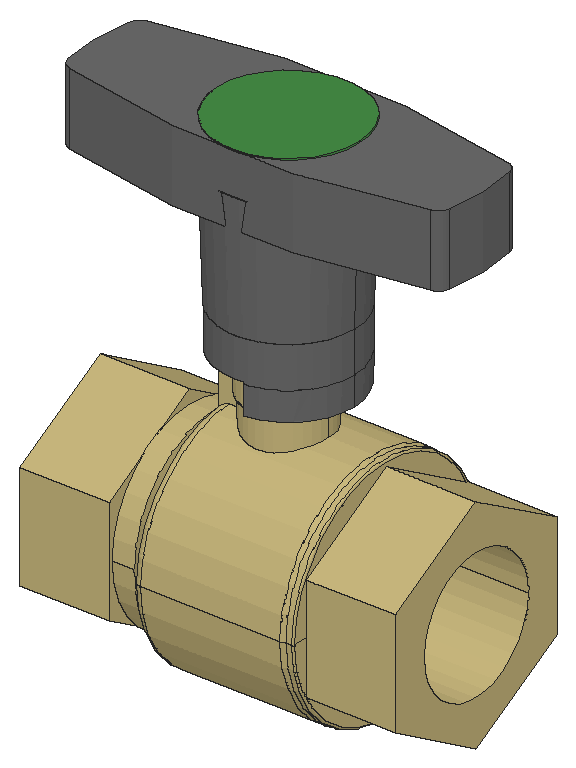
Revit family "QA02540000", category Apparecchi idraulici, Revit 2016
Family settings
  Tipo di parte = Normale
  Quota connettore circolare = Usa diametro
  Numero OmniClass = 23.45.00.00
  Titolo OmniClass = Sanitary, Laundry, and Cleaning Equipment
  Basato su piano di lavoro = No
  Sempre verticale = Sì
  Taglio con vuoti quando caricato = No
  Condiviso = No
  Punto di calcolo locali = No
Parameters
  URL = "https://web.cimberio.it/index.php/figura/1469?subcategoria_id=102"
  Produttore = "CIMBERIO SPA"
  Modello = "Cim A12CRNL"
  DN Model [instance] = QA02541032 : QA02541032
  DN [instance] = 32 mm
Reference planes
  plane 1 "Centro (Fronte/Retro)": y = 0
  plane 2: z = 0
  plane 3 "Centro (Sinistra/Destra)": x = 0
Dimensions and locks
  aligned and locked: level to plane 2
Nested families
  nested 1: "QA02541032" at (0, 0, 0), type <- "DN Model", type "QA02541032"
  nested 2: "QA02541032" at (0, 0, 0), type <- "DN Model", type "QA02541032"
  nested 3: "QA02541032" at (0, 0, 0), type <- "DN Model", type "QA02541032"
  nested 4: "QA02541032" at (0, 0, 0), type <- "DN Model", type "QA02541032"
  nested 5: "QA02541032" at (0, 0, 0), type <- "DN Model", type "QA02541032"
  nested 6: "QA02541032" at (0, 0, 0), type <- "DN Model", type "QA02541032"
Connectors
  piping at (45.85, 0, 0), diameter 32, driven by "DN"
    settings: on nested 1, index 1, connector inside diameter 609.6 mm, connector length 0 mm, flow factor 0, pipe flow 0.0 L/s, pressure drop 0.0 Pa, fitting loss kfactor 0, connector angle 0.00°, fixture units 0, engagement length 0 mm, angle of deflection 0.00°, flow configuration 0, flow direction 0, fitting loss method 0, system type 7, joint type 0, gender type 0, connector reference index -1, connector utility 0, adjustable connector no, is connector primary yes, connector description ""
  piping at (-45.85, 0, 0), diameter 32, driven by "DN"
    settings: on nested 1, index 2, connector inside diameter 609.6 mm, connector length 0 mm, flow factor 0, pipe flow 0.0 L/s, pressure drop 0.0 Pa, fitting loss kfactor 0, connector angle 0.00°, fixture units 0, engagement length 0 mm, angle of deflection 0.00°, flow configuration 0, flow direction 0, fitting loss method 0, system type 7, joint type 0, gender type 0, connector reference index -1, connector utility 0, adjustable connector no, is connector primary no, connector description ""
Definition of nested family "QA02541032"
  Reference planes
    plane 1 "Centro (Fronte/Retro)": y = 0
    plane 2: z = 0
    plane 3 "Centro (Sinistra/Destra)": x = 0
    plane 4: x = 120
  Forms (mm)
    Revolve 1, solid
      sketch origin (0, 0, 0) x (0, 1, 0) y (-1, 0, 0)
        loop
          line (12.54, 24) -> (12.54, -23.85) -> (27.75, -23.85)
          arc (27.75, -23.85) -> (28.104, -23.704) -> (28.25, -23.35) r 0.5
          line (28.25, -23.35) -> (28.25, -21.915) -> (28.5, -20.832) -> (28.5, 13.172)
          arc (28.5, 13.172) -> (28.348, 13.937) -> (27.913, 14.587) r 2
          line (27.913, 14.587) -> (23.982, 18.518) -> (23.982, 24) -> (12.54, 24)
        axis (0, 24) -> (0, -23.85)
      angle from 0 to 360
    Extrusion 2, solid
      sketch origin (-16, 0, 0) x (0, 0, 1) y (0, 1, 0)
        loop
          circle (0, 0) r 16
        loop
          line (-27, 0) -> (-12.855, -24.5) -> (12.855, -24.5) -> (27, 0) -> (12.855, 24.5) -> (-12.855, 24.5) -> (-27, 0)
      from 8 to 29.85
    Extrusion 3, solid
      sketch origin (16, 0, 0) x (0, 0, 1) y (0, -1, 0)
        loop
          circle (0, 0) r 16
        loop
          line (-27, 0) -> (-12.855, -24.5) -> (12.855, -24.5) -> (27, 0) -> (12.855, 24.5) -> (-12.855, 24.5) -> (-27, 0)
      from 7.644 to 29.85
    Revolve 4, solid
      sketch origin (0, 0, 0) x (1, 0, 0) y (0, 0, 1)
        loop
          line (0, 44.8) -> (-11.148, 44.8) -> (-11.148, 43.3) -> (-10.648, 42.612) -> (-10.531, 35)
          arc (-10.531, 35) -> (-10.252, 34.596) -> (-9.773, 34.488) r 0.674
          line (-9.773, 34.488) -> (-9.773, 25.891) -> (0, 25.891) -> (0, 44.8)
        axis (0, 44.8) -> (0, 25.891)
      angle from 0 to 360
    Extrusion 5, solid
      sketch origin (0, 0, 0) x (1, 0, 0) y (0, 0, 1)
        loop
          line (-15.648, 42.3) -> (-15.648, 25.431) -> (-9.091, 25.431) -> (-9.091, 42.3) -> (-15.648, 42.3)
      from 0 to 1.523
    Extrusion 6, void
      sketch origin (0, 0, 58.3) x (0, 1, 0) y (-1, 0, 0)
        loop
          line (0, 7.878) -> (0, 16.491)
          arc (0, 16.491) -> (-12.716, 11.248) -> (-16.583, -1.952) r 15.898
          line (-16.583, -1.952) -> (-10.853, -1.952)
          arc (-10.853, -1.952) -> (-7.117, 4.83) -> (0, 7.878) r 11.898
      from -22.127 to -13.5
    Revolve 7, solid
      sketch origin (0, 0, 0) x (1, 0, 0) y (0, 0, 1)
        loop
          line (0, 37.277) -> (16.142, 37.277) -> (16.232, 44.277) -> (16.232, 54.277) -> (17.232, 85.097) -> (0, 85.097) -> (0, 37.277)
        axis (0, 85.097) -> (0, 37.277)
      angle from 0 to 360
    Extrusion 8, solid
      sketch origin (0, 0, 58.3) x (0, 1, 0) y (-1, 0, 0)
        loop
          arc (11.875, -44.15) -> (17.541, -0.093) -> (11.875, 43.964) r 174.138
          arc (11.875, 43.964) -> (10.886, 45.631) -> (9.162, 46.517) r 3.507
          arc (9.162, 46.517) -> (0.012, 47.413) -> (-9.139, 46.517) r 47.191
          arc (-9.139, 46.517) -> (-10.862, 45.631) -> (-11.852, 43.964) r 3.507
          arc (-11.852, 43.964) -> (-17.517, -0.093) -> (-11.852, -44.15) r 174.138
          arc (-11.852, -44.15) -> (-10.862, -45.817) -> (-9.139, -46.703) r 3.507
          arc (-9.139, -46.703) -> (0.012, -47.599) -> (9.162, -46.703) r 47.191
          arc (9.162, -46.703) -> (10.886, -45.817) -> (11.875, -44.15) r 3.507
        loop
          circle (0, 0) r 17.232
      from 19.521 to 36.977
    Extrusion 9, solid
      sketch origin (0, 0, 58.3) x (0, 1, 0) y (-1, 0, 0)
        loop
          circle (0, 0) r 17.232
      from 36.977 to 37.256
  Cuts and joins
    Extrusion 6 cuts Revolve 7
  Dimensions and locks
    aligned and locked: level to plane 2
